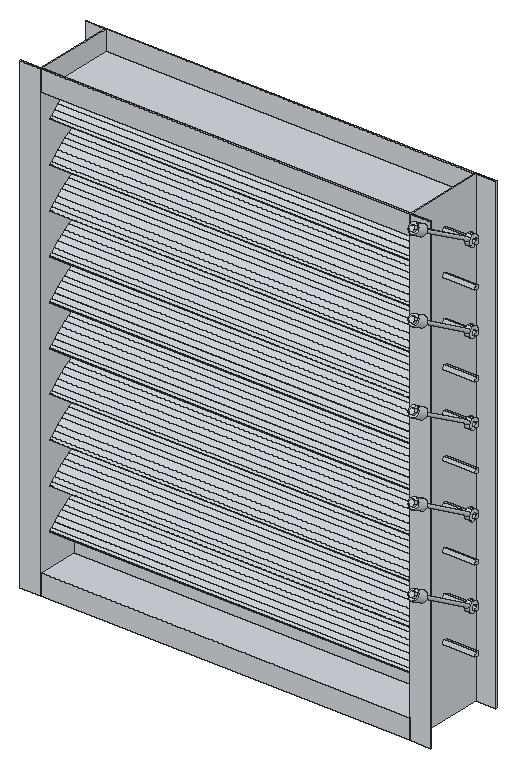
Revit family "ICB-900", category Mechanical Equipment, Revit 2015
Parameters
  Weight Spacing = 0' - 8"
  Weight Number [instance] = Blade Number / 2  # 5
  URL = "http://unitedenertech.com/catalog/pdf/F_18,19.20%20Model%20ICB-900.pdf"
  Type Comments = "Max. Single Section Size is (48\"w x 48\"h)"
  Model = "ICB-900"
  Manufacturer = "United Enertech Corporation"
  Keynote = "This model is only a representation of the product, blade position will vary from built dampers."
  Exact Width = 3' - 0"
  Exact Height = 3' - 6"
  Description = "Industrial Backdraft Damper"
  Blade Spacing = 0' - 4"
  Blade Number [instance] = rounddown((Exact Height - 0' 1") / Blade Spacing)  # 10
  BW [instance] = Exact Width - 0' 0 3/16"  # 2' - 11 13/16"
Reference planes (in)
  plane 1 "Center (Front/Back)": y = 0
  plane 2: z = 0
  plane 3 "Center (Left/Right)": x = 0
  plane 4: x = -18
  plane 5: x = 18
  plane 6: x = -20
  plane 7: x = 20
  plane 8: z = 42
  plane 9: z = -2
  plane 10: z = 44
  plane 11: z = 41.25285
  plane 12: z = 41.43364
  plane 13: x = 21.00625
Forms (in)
  Extrusion 1, solid
    sketch origin (-45, 57.8858, 15.83933) x (0, 1, 0) y (0, 0, -1)
      loop
        line (-57.8858, 17.83933) -> (-57.8858, 15.83933) -> (-49.8858, 15.83933) -> (-49.8858, 17.83933) -> (-49.9605, 17.83933) -> (-49.9605, 15.91403) -> (-57.8111, 15.91403) -> (-57.8111, 17.83933) -> (-57.8858, 17.83933)
    from -63 to -27
  Extrusion 2, solid
    sketch origin (-8.16067, 63.8858, 0) x (0, 1, 0) y (-1, 0, 0)
      loop
        line (-63.8858, 11.83933) -> (-63.8858, 9.83933) -> (-55.8858, 9.83933) -> (-55.8858, 11.83933) -> (-55.9605, 11.83933) -> (-55.9605, 9.91403) -> (-63.8111, 9.91403) -> (-63.8111, 11.83933) -> (-63.8858, 11.83933)
    from -2 to 44
  Extrusion 3, solid
    sketch origin (8.16067, 63.8858, 0) x (0, 1, 0) y (-1, 0, 0)
      loop
        line (-63.8858, -11.83933) -> (-63.8111, -11.83933) -> (-63.8111, -9.91403) -> (-55.9605, -9.91403) -> (-55.9605, -11.83933) -> (-55.8858, -11.83933) -> (-55.8858, -9.83933) -> (-63.8858, -9.83933) -> (-63.8858, -11.83933)
    from -2 to 44
  Extrusion 4, solid
    sketch origin (-45, -49.8858, 20.16067) x (0, -1, 0) y (0, 0, 1)
      loop
        line (-57.8858, 23.83933) -> (-57.8858, 21.83933) -> (-49.8858, 21.83933) -> (-49.8858, 23.83933) -> (-49.9605, 23.83933) -> (-49.9605, 21.91403) -> (-57.8111, 21.91403) -> (-57.8111, 23.83933) -> (-57.8858, 23.83933)
    from -63 to -27
  Extrusion 5, solid
    sketch origin (0, 0, -0.14076) x (0, 1, 0) y (0, 0, 1)
      loop
        line (4.00772, 0.14076) -> (4.75772, 0.14076) -> (4.75772, 0.23076) -> (4.09772, 0.23076) -> (4.09772, 2.64076) -> (4.00772, 2.64076) -> (4.00772, 0.14076)
    from -18 to 18
Dimensions and locks (in)
  equal spacing: plane 4, plane 3 "Center (Left/Right)", plane 5
  "Exact Width": plane 4 to plane 5
  locked: plane 6 to plane 4 at 2
  locked: plane 5 to plane 7 at 2
  "Exact Height": plane 8 to level
  locked: plane 10 to plane 8 at 2
  locked: level to plane 9 at 2
  locked: plane 8 to plane 11 at 0.74715
  equal spacing: group 1, group 2, group 3, group 4, group 5, group 6, group 10, group 11, group 12, group 13  (x2)
  equal spacing: group 13, group 12, group 11, group 10, group 6, group 5, group 4, group 3, group 2, group 1
  "Blade Spacing": nested 1 to nested 2
  locked: plane 8 to plane 12 at 0.56636
  locked: plane 5 to plane 13 at 3.00625
  equal spacing: group 7, group 8, group 9, group 14, group 15  (x2)
  equal spacing: group 15, group 14, group 9, group 8, group 7
  "Weight Spacing": nested 7 to nested 8
  aligned and locked: level to plane 2
  aligned and locked: level to Extrusion 1
  aligned and locked: Extrusion 4 to plane 8
  aligned and locked: plane 5 to Extrusion 1
  aligned and locked: plane 5 to Extrusion 4
  aligned and locked: plane 4 to Extrusion 4
  aligned and locked: plane 4 to Extrusion 1
  aligned and locked: plane 10 to Extrusion 2
  aligned and locked: plane 10 to Extrusion 3
  aligned and locked: Extrusion 3 to plane 9
  aligned and locked: Extrusion 2 to plane 9
  aligned and locked: plane 3 "Center (Left/Right)" to nested 1
  aligned and locked: plane 11 to nested 1
  aligned and locked: plane 5 to Extrusion 5
  aligned and locked: plane 4 to Extrusion 5
  aligned and locked: plane 12 to nested 7
  aligned and locked: plane 13 to nested 7
  aligned and locked: nested 8 to nested 7
Automatic sketch dimensions
  Extrusion 1 sketch curve to level = 0' - 2"
  Extrusion 1 sketch curve to plane 1 "Center (Front/Back)" = 0' - 0"
  Extrusion 1 sketch curve to Extrusion 1 sketch curve = 0' - 0.0747"  (x3)
  Extrusion 1 sketch curve to Extrusion 1 sketch curve = 0' - 7.8506"
  Extrusion 1 sketch curve to level = 0' - 0.0747"
  Extrusion 1 sketch curve to Extrusion 1 sketch curve = 0' - 1.9253"
  plane 1 "Center (Front/Back)" to Extrusion 2 sketch curve = 0' - 0"
  Extrusion 2 sketch curve to plane 6 = 0' - 0"  (x2)
  Extrusion 2 sketch curve to plane 4 = 0' - 0"
  Extrusion 2 sketch curve to plane 1 "Center (Front/Back)" = 0' - 0.0747"
  plane 4 to Extrusion 2 sketch curve = 0' - 0.0747"
  Extrusion 2 sketch curve to Extrusion 2 sketch curve = 0' - 7.8506"
  Extrusion 2 sketch curve to Extrusion 2 sketch curve = 0' - 0.0747"
  plane 1 "Center (Front/Back)" to Extrusion 3 sketch curve = 0' - 0"
  Extrusion 3 sketch curve to plane 7 = 0' - 0"  (x2)
  Extrusion 3 sketch curve to plane 5 = 0' - 0"
  Extrusion 3 sketch curve to Extrusion 3 sketch curve = 0' - 0.0747"  (x2)
  Extrusion 3 sketch curve to plane 5 = 0' - 0.0747"
  Extrusion 3 sketch curve to Extrusion 3 sketch curve = 0' - 7.8506"
  Extrusion 4 sketch curve to plane 1 "Center (Front/Back)" = 0' - 8"
  Extrusion 4 sketch curve to Extrusion 4 sketch curve = 0' - 0.0747"  (x3)
  Extrusion 4 sketch curve to Extrusion 4 sketch curve = 0' - 7.8506"
  level to Extrusion 4 sketch curve = 3' - 6"
  Extrusion 4 sketch curve to Extrusion 4 sketch curve = 0' - 1.9253"  (x2)
  Extrusion 5 sketch curve to plane 1 "Center (Front/Back)" = 0' - 4.00772"
  Extrusion 5 sketch curve to Extrusion 5 sketch curve = 0' - 0.09"  (x2)
  level to Extrusion 5 sketch curve = 0' - 0.09"
  Extrusion 5 sketch curve to Extrusion 5 sketch curve = 0' - 0.66"
  Extrusion 5 sketch curve to Extrusion 5 sketch curve = 0' - 2.41"
Nested families (in)
  nested 1: "ICBBlade" at (0, 3.11529, 38.66078), type "ICBBlade"
    with Blade Width 2' - 11 13/16"
  nested 2: "ICBBlade" at (0, 3.11529, 34.66078), type "ICBBlade"
    with Blade Width 2' - 11 13/16"
  nested 3: "ICBBlade" at (0, 3.11529, 30.66078), type "ICBBlade"
    with Blade Width 2' - 11 13/16"
  nested 4: "ICBBlade" at (0, 3.11529, 26.66078), type "ICBBlade"
    with Blade Width 2' - 11 13/16"
  nested 5: "ICBBlade" at (0, 3.11529, 22.66078), type "ICBBlade"
    with Blade Width 2' - 11 13/16"
  nested 6: "ICBBlade" at (0, 3.11529, 18.66078), type "ICBBlade"
    with Blade Width 2' - 11 13/16"
  nested 7: "ICBWEIGHT" at (18.23936, -0.50932, 39.02578), type "ICBWEIGHT"
  nested 8: "ICBWEIGHT" at (18.23936, -0.50932, 31.02578), type "ICBWEIGHT"
  nested 9: "ICBWEIGHT" at (18.23936, -0.50932, 23.02578), type "ICBWEIGHT"
  nested 10: "ICBBlade" at (0, 3.11529, 14.66078), type "ICBBlade"
    with Blade Width 2' - 11 13/16"
  nested 11: "ICBBlade" at (0, 3.11529, 10.66078), type "ICBBlade"
    with Blade Width 2' - 11 13/16"
  nested 12: "ICBBlade" at (0, 3.11529, 6.66078), type "ICBBlade"
    with Blade Width 2' - 11 13/16"
  nested 13: "ICBBlade" at (0, 3.11529, 2.66078), type "ICBBlade"
    with Blade Width 2' - 11 13/16"
  nested 14: "ICBWEIGHT" at (18.23936, -0.50932, 15.02578), type "ICBWEIGHT"
  nested 15: "ICBWEIGHT" at (18.23936, -0.50932, 7.02578), type "ICBWEIGHT"
Definition of nested family "ICBBlade"
  Parameters (values of type "ICBBlade")
    Blade Width = 2' - 0"
  Reference planes (in)
    plane 1 "Center (Front/Back)": y = 0
    plane 2: z = 0
    plane 3 "Center (Left/Right)": x = 0
    plane 4: x = -12
    plane 5: x = 12
    plane 6: x = -13
    plane 7: x = 15.35
  Forms (in)
    Extrusion 1, solid
      sketch origin (-44.59138, -51.58444, -7.62651) x (0, -1, 0) y (0, 0, 1)
        loop
          line (-52.69511, 10.0385) -> (-52.59961, 9.68207) -> (-52.24318, 9.77757) -> (-52.33868, 10.134) -> (-52.69511, 10.0385)
      from -59.94138 to -31.59138
    Extrusion 2, solid
      sketch origin (-44.59138, -50.77275, -7.844) x (0, -1, 0) y (0, 0, 1)
        loop
          line (-52.54384, 10.59109) -> (-51.97166, 10.26074) -> (-51.84365, 9.78302) -> (-51.35002, 9.49802) -> (-50.85958, 9.26355) -> (-50.43511, 9.07369) -> (-49.87125, 8.83959) -> (-49.4257, 8.66874) -> (-49.3037, 8.88005) -> (-49.00498, 8.62214) -> (-48.6937, 8.33706) -> (-48.63892, 8.39643) -> (-48.84279, 8.58454) -> (-49.22774, 8.92) -> (-49.65325, 9.26449) -> (-50.11808, 9.61201) -> (-50.52372, 9.89263) -> (-50.98009, 10.18445) -> (-51.41589, 10.43606) -> (-51.53592, 10.43606) -> (-51.93166, 10.33003) -> (-52.50384, 10.66037) -> (-52.54384, 10.59109)
        loop
          line (-51.88342, 10.25599) -> (-51.78792, 9.89956) -> (-51.53939, 9.96615) -> (-51.43651, 9.90676) -> (-51.75032, 9.82267) -> (-51.30952, 9.56817) -> (-50.52543, 9.20178) -> (-49.84158, 8.91494) -> (-49.46189, 8.76805) -> (-49.36705, 8.93233) -> (-49.67449, 9.17753) -> (-50.14173, 9.52691) -> (-50.59322, 9.83973) -> (-51.00634, 10.10608) -> (-51.44161, 10.35738) -> (-51.35752, 10.04357) -> (-51.4604, 10.10297) -> (-51.52699, 10.35149) -> (-51.88342, 10.25599)
      from -56.59138 to -32.59138
  Dimensions and locks (in)
    equal spacing: plane 4, plane 3 "Center (Left/Right)", plane 5
    "Blade Width": plane 4 to plane 5
    locked: plane 6 to plane 4 at 1
    locked: plane 5 to plane 7 at 3.35
    aligned and locked: level to plane 2
    aligned and locked: plane 5 to Extrusion 2
    aligned and locked: plane 4 to Extrusion 2
    aligned and locked: Extrusion 1 to plane 7
    aligned and locked: plane 6 to Extrusion 1
  Automatic sketch dimensions
    Extrusion 1 sketch curve to plane 1 "Center (Front/Back)" = 0' - 1.11067"
    level to Extrusion 1 sketch curve = 0' - 2.05556"
    Extrusion 1 sketch curve to Extrusion 1 sketch curve = 0' - 0.0955"  (x2)
    Extrusion 1 sketch curve to Extrusion 1 sketch curve = 0' - 0.35643"
    Extrusion 2 sketch curve to plane 1 "Center (Front/Back)" = 0' - 1.77109"
    level to Extrusion 2 sketch curve = 0' - 2.81637"
    Extrusion 2 sketch curve to Extrusion 2 sketch curve = 0' - 0.04"
    level to Extrusion 2 sketch curve = 0' - 2.41674"
    Extrusion 2 sketch curve to Extrusion 2 sketch curve = 0' - 0.57218"
    level to Extrusion 2 sketch curve = 0' - 2.48602"
    Extrusion 2 sketch curve to Extrusion 2 sketch curve = 0' - 0.04824"
    Extrusion 2 sketch curve to Extrusion 2 sketch curve = 0' - 0.03977"
    Extrusion 2 sketch curve to Extrusion 2 sketch curve = 0' - 0.05574"
    Extrusion 2 sketch curve to Extrusion 2 sketch curve = 0' - 0.03759"
    Extrusion 2 sketch curve to Extrusion 2 sketch curve = 0' - 0 27/128"
    Extrusion 2 sketch curve to Extrusion 2 sketch curve = 0' - 0.3475"
    Extrusion 2 sketch curve to Extrusion 2 sketch curve = 0' - 0.00892"
    level to Extrusion 2 sketch curve = 0' - 2.25897"
    Extrusion 2 sketch curve to Extrusion 2 sketch curve = 0' - 0.07899"
    Extrusion 2 sketch curve to Extrusion 2 sketch curve = 0' - 0.08538"
    Extrusion 2 sketch curve to Extrusion 2 sketch curve = 0' - 0.10288"  (x2)
    Extrusion 2 sketch curve to Extrusion 2 sketch curve = 0' - 0.02572"
    Extrusion 2 sketch curve to Extrusion 2 sketch curve = 0' - 0.0865"
    Extrusion 2 sketch curve to Extrusion 2 sketch curve = 0' - 0.0405"
    Extrusion 2 sketch curve to Extrusion 2 sketch curve = 0' - 0.35118"
    Extrusion 2 sketch curve to Extrusion 2 sketch curve = 0' - 0.02626"
    Extrusion 2 sketch curve to Extrusion 2 sketch curve = 0' - 0.44994"
    Extrusion 2 sketch curve to Extrusion 2 sketch curve = 0' - 0.41312"
    Extrusion 2 sketch curve to Extrusion 2 sketch curve = 0' - 0.33415"
    Extrusion 2 sketch curve to Extrusion 2 sketch curve = 0' - 0.06951"
    Extrusion 2 sketch curve to Extrusion 2 sketch curve = 0' - 0.09031"
    Extrusion 2 sketch curve to Extrusion 2 sketch curve = 0' - 0.3837"
    Extrusion 2 sketch curve to Extrusion 2 sketch curve = 0' - 0.02365"
    Extrusion 2 sketch curve to Extrusion 2 sketch curve = 0' - 0.56386"
    Extrusion 2 sketch curve to Extrusion 2 sketch curve = 0' - 0.02967"
    Extrusion 2 sketch curve to Extrusion 2 sketch curve = 0' - 0.16709"
    Extrusion 2 sketch curve to Extrusion 2 sketch curve = 0' - 0.02125"
    Extrusion 2 sketch curve to Extrusion 2 sketch curve = 0' - 0.37968"
    Extrusion 2 sketch curve to Extrusion 2 sketch curve = 0' - 0.03619"
    Extrusion 2 sketch curve to Extrusion 2 sketch curve = 0' - 0.09484"
    Extrusion 2 sketch curve to Extrusion 2 sketch curve = 0' - 0.06335"
    Extrusion 2 sketch curve to Extrusion 2 sketch curve = 0' - 0.07596"
    Extrusion 2 sketch curve to Extrusion 2 sketch curve = 0' - 0.22276"
    Extrusion 2 sketch curve to Extrusion 2 sketch curve = 0' - 0.16219"
    Extrusion 2 sketch curve to Extrusion 2 sketch curve = 0' - 0.14909"
    level to Extrusion 2 sketch curve = 0' - 0.55243"
    Extrusion 2 sketch curve to Extrusion 2 sketch curve = 0' - 0.05478"
    Extrusion 2 sketch curve to Extrusion 2 sketch curve = 0' - 0.05937"
    Extrusion 2 sketch curve to Extrusion 2 sketch curve = 0' - 0.0376"
    Extrusion 2 sketch curve to Extrusion 2 sketch curve = 0' - 0.0466"
    Extrusion 2 sketch curve to Extrusion 2 sketch curve = 0' - 0.09931"
    Extrusion 2 sketch curve to Extrusion 2 sketch curve = 0' - 0.07153"
    Extrusion 2 sketch curve to Extrusion 2 sketch curve = 0' - 0.112"
    Extrusion 2 sketch curve to Extrusion 2 sketch curve = 0' - 0.07535"
    Extrusion 2 sketch curve to Extrusion 2 sketch curve = 0' - 0.03995"
    Extrusion 2 sketch curve to Extrusion 2 sketch curve = 0' - 0.05228"
    Extrusion 2 sketch curve to Extrusion 2 sketch curve = 0' - 0.23411"
    Extrusion 2 sketch curve to Extrusion 2 sketch curve = 0' - 0.26259"
    Extrusion 2 sketch curve to Extrusion 2 sketch curve = 0' - 0.12809"
    Extrusion 2 sketch curve to Extrusion 2 sketch curve = 0' - 0.06177"
    Extrusion 2 sketch curve to Extrusion 2 sketch curve = 0' - 0.08697"
    Extrusion 2 sketch curve to Extrusion 2 sketch curve = 0' - 0.23448"
    Extrusion 2 sketch curve to Extrusion 2 sketch curve = 0' - 0.32513"
    Extrusion 2 sketch curve to Extrusion 2 sketch curve = 0' - 0.07015"
    Extrusion 2 sketch curve to Extrusion 2 sketch curve = 0' - 0.08509"
    Extrusion 2 sketch curve to Extrusion 2 sketch curve = 0' - 0.47772"
    Extrusion 2 sketch curve to Extrusion 2 sketch curve = 0' - 0.03965"
    Extrusion 2 sketch curve to Extrusion 2 sketch curve = 0' - 0.22772"
    Extrusion 2 sketch curve to Extrusion 2 sketch curve = 0' - 0.0529"
    Extrusion 2 sketch curve to Extrusion 2 sketch curve = 0' - 0.07689"
    Extrusion 2 sketch curve to Extrusion 2 sketch curve = 0' - 0.0594"  (x2)
    Extrusion 2 sketch curve to Extrusion 2 sketch curve = 0' - 0 1/16"
    Extrusion 2 sketch curve to Extrusion 2 sketch curve = 0' - 0.07837"
    Extrusion 2 sketch curve to Extrusion 2 sketch curve = 0' - 0.00589"
    Extrusion 2 sketch curve to Extrusion 2 sketch curve = 0' - 0.07868"
Definition of nested family "ICBWEIGHT"
  Reference planes (in)
    plane 1 "Center (Front/Back)": y = 0
    plane 2: z = 0
    plane 3 "Center (Left/Right)": x = 0
  Forms (in)
    Extrusion 1, solid
      sketch origin (4.98495, 6.38014, 21.32465) x (0, -0.5, -0.866025) y (-1, 0, 0)
        loop
          circle (17.74334, 2.46532) r 0.15625
      from 0 to 7.75
    Extrusion 2, solid
      sketch origin (4.98495, 6.16364, 21.44965) x (0, -0.5, -0.866025) y (-1, 0, 0)
        loop
          line (17.74334, 2.16756) -> (17.99334, 2.31189) -> (17.99334, 2.60057) -> (17.74334, 2.74491) -> (17.49334, 2.60057) -> (17.49334, 2.31189) -> (17.74334, 2.16756)
      from 0 to 0.25
    Extrusion 3, solid
      sketch origin (2.26689, 12.21794, 20.20438) x (0, -0.5, -0.866025) y (0, 0.866025, -0.5)
        loop
          circle (19.69206, 2.46806) r 0.2565
        loop
          line (19.2202, 2.30268) -> (19.3129, 2.14212)
          arc (19.3129, 2.14212) -> (20.12507, 2.71806) -> (19.2202, 2.30268) r 0.5
      from 0 to 0.5
    Extrusion 4, solid
      sketch origin (4.98495, -12.37573, -13.41147) x (0, 0.5, 0.866025) y (-1, 0, 0)
        loop
          circle (21.71696, 2.46806) r 0.1925
        loop
          circle (21.71696, 2.46806) r 0.5
      from 0 to 1.125
  Dimensions and locks (in)
    aligned and locked: level to plane 2
